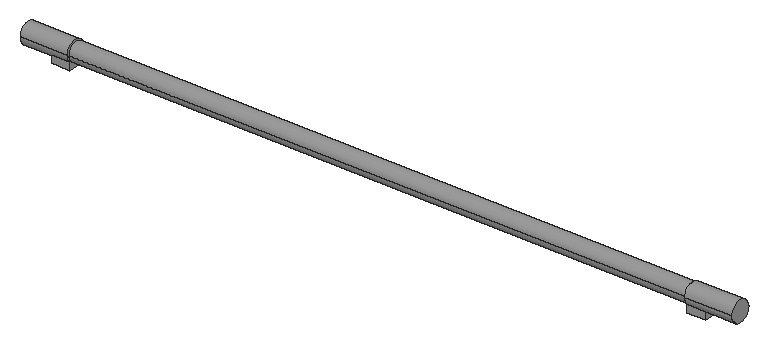
Revit family "0045154 Feilo Sylvania Lighting Fixture START BATTEN  IP65 26W 1500 3K", category Lighting Fixtures, host Face, Revit 2017
Family settings
  Host = Face
  Round Connector Dimension = Use Diameter
  Part Type = Normal
  OmniClass Number = 23.80.70.00
  OmniClass Title = Lighting
  Cut with Voids When Loaded = No
  Light Source = Yes
  Shared = No
  Room Calculation Point = No
Parameters (values of type "0045154 START BATTEN  IP65 26W 1500 3K")
  Weight = "9.384 kg"
  Wattage Comments = ""
  Wattage = 26 W
  WarrantyStartDate [instance] = "n/a"
  WarrantyGuarantorParts = "n/a"
  WarrantyDurationUnit = "n/a"
  WarrantyDurationParts = "n/a"
  WarrantyDescription = "n/a"
  built-in parameter 1150110 = 1 (stored number, unit not read)
  Voltage = 230 V
  URL = "http://www.sylvania-lighting.com"
  TypeName = "START BATTEN  IP65 26W 1500 3K"
  Type Image = <None>
  Type Comments = "n/a"
  built-in parameter 1114217 = 1 (stored number, unit not read)
  Tilt Angle = -90.00°
  built-in parameter 1150109 = 1 (stored number, unit not read)
  built-in parameter 1150134 = (empty or 0)
  built-in parameter 1150113 = 1 (stored number, unit not read)
  SerialNumber [instance] = "n/a"
  RadiusGlandOuter_FEILO = 10 mm
  RadiusGlandInner_FEILO = 5 mm
  RadiusBody_FEILO = 22 mm
  Photometric Web File = "0045154.ies"
  Material_3_FEILO = none
  PowerFactor = 0
  PowerConsumption = "26 W"
  NominalLength = 1500 mm
  NominalHeight = 52.8 mm
  NominalDepth = 42 mm
  Name = "START BATTEN  IP65 26W 1500 3K"
  ModelReference = Name  # "START BATTEN  IP65 26W 1500 3K"
  ModelNumber = "0045154"
  Model = Name  # "START BATTEN  IP65 26W 1500 3K"
  Material = "polycarbonate housing, pc diffuser"
  ManufacturerName = "Feilo Sylvania"
  Manufacturer = "Feilo Sylvania"
  LuminousEfficacy = "115 lm/W"
  built-in parameter 1150105 = 630.33 (stored number, unit not read)
  Lumens = 2990 lm
  LuminaireType = ""
  built-in parameter 1150115 = 1 (stored number, unit not read)
  Long_FEILO = yes
  LightOutputRatio = "100"
  built-in parameter 1150137 = (empty or 0)
  built-in parameter 1150139 = (empty or 0)
  LampsType = Lamp  # "LED"
  LampNominalLuminous = "3000 lm"
  LampMacAdamStep = "n/a"
  LampColourTemperature = "3000 K"
  LampColourRenderingIndex = "80"
  built-in parameter 1150112 = 1 (stored number, unit not read)
  built-in parameter 1150114 = 1 (stored number, unit not read)
  Lamp = "LED"
  L3_FEILO = if(Long_FEILO, 1378 mm, 1078 mm)  # 1378 mm
  L2_FEILO = if(Long_FEILO, 1543 mm, 1246 mm)  # 1543 mm
  L1_FEILO = if(Long_FEILO, 1588 mm, 1291 mm)  # 1588 mm
  Keynote = "16500"
  InstallationDate [instance] = "n/a"
  InputVoltage = "220-240V~"
  InputNominalFrequency = "50/60 Hz"
  built-in parameter 1150132 = (empty or 0)
  built-in parameter 1150102 = (empty or 0)
  built-in parameter 1150107 = 3000 (stored number, unit not read)
  built-in parameter 1150138 = (empty or 0)
  IngressProtection = "IP65"
  ImpactProtectionIndex = "IK08"
  built-in parameter 1150106 = 6.3033 (stored number, unit not read)
  IfcExportType = "IfcLightFixtureType"
  IfcExportAs = "IfcLightFixtureType"
  ExpectedLife = 50000
  Emit from Rectangle Width = 25 mm
  Emit from Rectangle Length = L3_FEILO - 40 mm  # 1338 mm
  Emit Shape Visible in Rendering = no
  ElectricShockClassification = "Class II"
  built-in parameter 1150104 = 10.684 (stored number, unit not read)
  DurationUnit = "hours"
  DocumentationLiterature = "http://www.sylvania-lighting.com/product/en-int/products/0045154"
  DimmingControlOptions = "n/a"
  Material_2_FEILO = Diffuser-Sylvania-StartBatten
  Dimming Lamp Color Temperature Shift = <None>
  Description = "The new upgraded Start Batten IP65 ( upgraded version of Batten LED LINK) is a versatile range of slimline LED waterproof luminaires that provide an ideal solution for interior and exterior applications such as workshops, garages and outdoor covered spaces. The  design allows the luminaire to be easily linked to another luminaire through an IP65 rated connector. The performance of the range  has been significantly improved ,  for example Start Twin Batten IP65 LED delivers  a performance of up to 6000lm (125lm/W). Available in 1200mm and 1500mm lengths (approx.) - the product can be a slimline replacement for single and twin 36W/58W fluorescent waterproof battens."
  Default Elevation = 1219.2 mm
  CreatedOn = "3/8/2018"
  CreatedBy = ""
  Cost = 0
  Color Filter = 16777215
  built-in parameter 1114216 [instance] = (empty or 0)
  ClassificationValue = "EF_70_80"
  ClassificationName = "Uniclass2015"
  Material_1_FEILO = Body-Sylvania-StartBatten
  BarCode [instance] = "n/a"
  built-in parameter 1114218 = 1 (stored number, unit not read)
  built-in parameter 1150133 = 10 (stored number, unit not read)
  AssetType = "Fixed"
  AssetIdentifier [instance] = "n/a"
  Assembly Code = "D5020200"
  Apparent Load = 26 VA
  Material_4_FEILO = none
Reference planes
  plane 1 "Center (Front/Back)": y = 0
  plane 2: z = 0
  plane 3 "Center (Left/Right)": x = 0
  plane 4: z = 53
  plane 5: y = -22
  plane 6: y = 22
  plane 7: z = 9
  plane 8: z = 31
  plane 9: y = -16
  plane 10: y = 16
  plane 11: x = 539
  plane 12: x = 689
  plane 13: x = -689
  plane 14: x = -771.5
  plane 15: x = 771.5
  plane 16: x = -794
  plane 17: x = 794
  plane 18: x = -669
  plane 19: x = 669
  plane 20: x = 709
  plane 21: x = -709
Forms (mm)
  Extrusion 1, solid, material "Body-Sylvania-StartBatten" <- "Material_1_FEILO"
    sketch origin (-689, 1524, 1219.2) x (0, 1, 0) y (0, 0, 1)
      loop
        circle (-1524, -1188.2) r 22
    from -82.5 to 20
  Extrusion 2, solid, material "Body-Sylvania-StartBatten" <- "Material_1_FEILO"
    sketch origin (689, 1524, 1219.2) x (0, 1, 0) y (0, 0, 1)
      loop
        circle (-1524, -1188.2) r 22
    from 82.5 to -20
  Extrusion 3, solid, material "Diffuser-Sylvania-StartBatten" <- "Material_2_FEILO"
    sketch origin (0, 0, 0) x (0, 1, 0) y (0, 0, 1)
      loop
        circle (0, 31) r 20
    from -669 to 669
  Extrusion 4, solid, material "Body-Sylvania-StartBatten" <- "Material_1_FEILO"
    sketch origin (-689, 1524, 1219.2) x (0, 1, 0) y (0, 0, 1)
      loop
        line (-1540, -1219.2) -> (-1508, -1219.2) -> (-1508, -1188.2) -> (-1540, -1188.2) -> (-1540, -1219.2)
    from -20 to 20
  Extrusion 5, solid, material "Body-Sylvania-StartBatten" <- "Material_1_FEILO"
    sketch origin (689, 1524, 1219.2) x (0, 1, 0) y (0, 0, 1)
      loop
        line (-1540, -1188.2) -> (-1540, -1219.2) -> (-1508, -1219.2) -> (-1508, -1188.2) -> (-1540, -1188.2)
    from -20 to 20
Cuts and joins
  joined: Extrusion 1, Extrusion 4
  joined: Extrusion 2, Extrusion 5
Dimensions and locks
  equal spacing: plane 5, plane 1 "Center (Front/Back)", plane 6
  locked: plane 5 to plane 6 at 44
  locked: plane 4 to plane 2 at 53
  equal spacing: plane 9, plane 1 "Center (Front/Back)", plane 10
  locked: plane 5 to plane 9 at 6
  equal spacing: plane 13, plane 3 "Center (Left/Right)", plane 12
  "L3_FEILO": plane 13 to plane 12
  equal spacing: plane 14, plane 3 "Center (Left/Right)", plane 15
  "L2_FEILO": plane 14 to plane 15
  equal spacing: plane 16, plane 3 "Center (Left/Right)", plane 17
  "L1_FEILO": plane 16 to plane 17
  locked: plane 4 to plane 8 at 22
  locked: plane 8 to plane 7 at 22
  equal spacing: plane 18, plane 3 "Center (Left/Right)", plane 19
  locked: plane 13 to plane 18 at 20
  equal spacing: plane 21, plane 3 "Center (Left/Right)", plane 20
  locked: plane 21 to plane 13 at 20
  "RadiusBody_FEILO": radius of Extrusion 1 sketch curve
  aligned and locked: plane 2 to host face
  aligned and locked: level to host face
  aligned and locked: Extrusion 1 to plane 14
  aligned and locked: Extrusion 2 sketch curve to Extrusion 1  (x2)
  aligned and locked: plane 15 to Extrusion 2
  aligned and locked: plane 18 to Extrusion 1
  aligned and locked: Extrusion 3 to Extrusion 1
  aligned and locked: plane 19 to Extrusion 3
  aligned and locked: Extrusion 2 to Extrusion 3
  aligned and locked: Extrusion 4 sketch curve to level
  aligned and locked: plane 9 to Extrusion 4 sketch curve
  aligned and locked: plane 8 to Extrusion 4 sketch curve
  aligned and locked: Extrusion 4 sketch curve to plane 10
  aligned and locked: Extrusion 1 to Extrusion 4
  aligned and locked: Extrusion 4 to plane 21
  aligned and locked: Extrusion 5 sketch curve to Extrusion 4  (x4)
  aligned and locked: plane 20 to Extrusion 5
  aligned and locked: Extrusion 2 to Extrusion 5
  aligned and locked: plane 4 to imposter light
  aligned and locked: imposter light to plane 1 "Center (Front/Back)"
  aligned and locked: plane 3 "Center (Left/Right)" to imposter light
Automatic sketch dimensions
  host sketch curve to host sketch curve = 2438.4 mm  (x2)
  Extrusion 1 sketch curve to plane 1 "Center (Front/Back)" = 0 mm
  Extrusion 1 sketch curve to plane 8 = 0 mm
  Extrusion 3 sketch curve to plane 8 = 0 mm
  Extrusion 3 sketch curve to plane 1 "Center (Front/Back)" = 0 mm
  Extrusion 3 sketch curve to plane 5 = 2 mm
Connectors
  electrical at (0, 0, 0), driven by "Apparent Load", driven by "PowerFactor", driven by "Voltage"
    settings: index 1, voltage 230 V, apparent load 26 VA, apparent load phase1 0 VA, apparent load phase2 0 VA, apparent load phase3 0 VA, power factor 0, load classification "Lighting", number of poles 1, system type 30, power factor state 1, is connector primary yes, connector utility no, sub classification motor no, connector description ""
